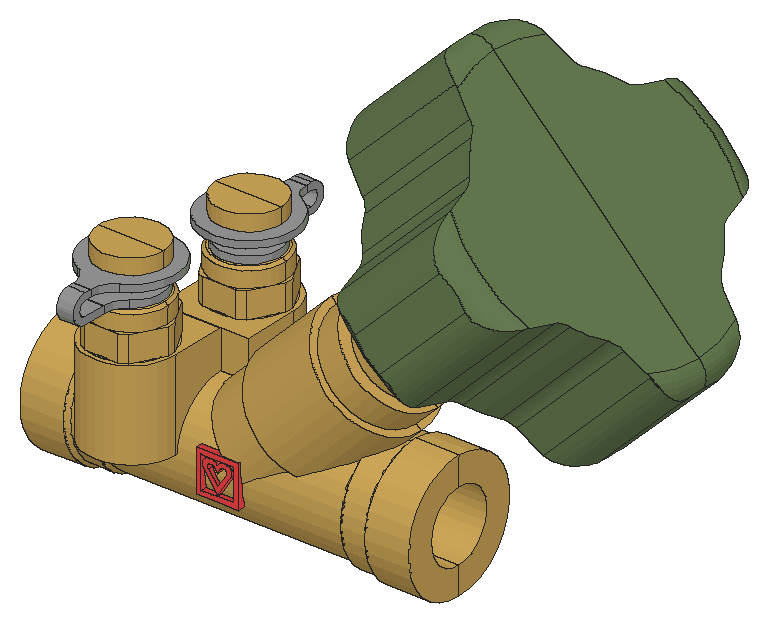
Revit family "Балансировочный клапан с диафрагмой для систем питьевого водоснабжения 4017 MW", category Rohrzubehör, Revit 2018
Family settings
  Bemaßung runder Anschluss = Durchmesser verwenden
  Teiletyp = Unterbricht
  OmniClass-Nummer = 23.65.55.14
  OmniClass-Titel = Valves for Liquid Services
  Arbeitsebenenbasiert = Nein
  Immer vertikal = Ja
  Beim Laden mit Abzugskörper schneiden = Nein
  Gemeinsam genutzt = Nein
Parameters
  Среда = "Питьевая вода"  # constant formula
  Примечание = "В соответствии со статьей 33 Регламента REACH (Registration; Evaluation; Authorisation; Restriction of Chemicals) (EC № 1907/2006) мы обязаны указать, что свинец внесен в список SVHC (Substances of Very High Concern - вещества очень высокой важности) и весовой процент свинца во всех латунных компонентах заводского изготовления в наших изделиях, превышает 0,1 % (w/w) (CAS: 7439-92-1 / EINECS: 231-100-4).\r\nПоскольку свинец является легирующим компонентом сплава, прямое негативное влияние исключается, и поэтому дополнительной информации о безопасном использовании не требуется."
  Область применения = "Для перекрытия трубопроводов и регулирования систем питьевого водоснабжения в зданиях или для гидравлической балансировки водоподающих трубопроводов."
  Номер заказа [instance] = size_lookup("4017_MW_", "Artnr", 0, Nennweite)  # 2401701
  Маховик = "пластик, цвет - зеленый"  # constant formula
  Корпус = "латунь, устойчивая к селективной цинковой коррозии"  # constant formula
  Исполнение = "В соответствии с нормами BS 7350 PN20, серия В, балансировочный клапан с наклонным шпинделем производится из медных сплавов.\r\nВсе металлические части, контактирующие с водой, изготовлены из латуни, устойчивой к селективной цинковой коррозии.\r\nКран-букса - с неподнимающимся шпинделем."
  kvs-значения [instance] = if(Nennweite = 15.000 mm, 2, if(Nennweite = 20.000 mm, 3.6, if(Nennweite = 25.000 mm, 6.5, if(Nennweite = 32.000 mm, 13.3, if(Nennweite = 40.000 mm, 18.5, if(Nennweite = 50.000 mm, 33, 0))))))  # 2
  kv-значения диафрагмы [instance] = if(Nennweite = 15.000 mm, 1.95, if(Nennweite = 20.000 mm, 3.95, if(Nennweite = 25.000 mm, 7.9, if(Nennweite = 32.000 mm, 15.75, if(Nennweite = 40.000 mm, 21.5, if(Nennweite = 50.000 mm, 46.7, 0))))))  # 1.95
  W01 = 45.00°  # constant formula
  URL = "www.herz-armaturen.ru"
  SW01 = 60.00°  # constant formula
  SCRNSEQ = "FW;SBT_TYP_FW=\"109\";2"
  SCRNCODE = "04;00;02"  # constant formula
  S03 = 60.000 mm  # constant formula
  S02 [instance] = L04 + L06 + L07  # 76.800 mm
  S01 [instance] = D01 * 2  # 27.000 mm
  R03 = 21.500 mm  # constant formula
  R02 = 9.500 mm  # constant formula
  R01 = 12.000 mm  # constant formula
  O-Ring = "EPDM"  # constant formula
  L10 [instance] = size_lookup("4017_MW_", "L10", 1.000 mm, Nennweite)  # 28.500 mm
  L09 [instance] = size_lookup("4017_MW_", "L9", 1.000 mm, Nennweite)  # 22.500 mm
  L08 [instance] = size_lookup("4017_MW_", "L8", 1.000 mm, Nennweite)  # 12.700 mm
  L07 [instance] = size_lookup("4017_MW_", "L7", 1.000 mm, Nennweite)  # 35.100 mm
  L06 [instance] = size_lookup("4017_MW_", "L6", 1.000 mm, Nennweite)  # 6.500 mm
  L05 [instance] = size_lookup("4017_MW_", "L5", 1.000 mm, Nennweite)  # 20.200 mm
  L04 [instance] = size_lookup("4017_MW_", "L4", 1.000 mm, Nennweite)  # 35.200 mm
  L03 [instance] = size_lookup("4017_MW_", "L3", 1.000 mm, Nennweite)  # 1.000 mm
  H03 [instance] = H01 - 19.000 mm  # 1.000 mm
  H02 = 13.000 mm  # constant formula
  E01 [instance] = L00 / -2  # -41.500 mm
  E00 = 0.000 mm  # constant formula
  D09 [instance] = size_lookup("4017_MW_", "D9", 1.000 mm, Nennweite)  # 11.750 mm
  D08 [instance] = size_lookup("4017_MW_", "D8", 1.000 mm, Nennweite)  # 9.500 mm
  D07 [instance] = size_lookup("4017_MW_", "D7", 1.000 mm, Nennweite)  # 12.000 mm
  D06 [instance] = size_lookup("4017_MW_", "D6", 1.000 mm, Nennweite)  # 13.500 mm
  D05 [instance] = size_lookup("4017_MW_", "D5", 1.000 mm, Nennweite)  # 12.500 mm
  D04 [instance] = Nennweite / 2  # 7.500 mm
  IG [instance] = Nennweite / 2  # 7.500 mm
  D03 [instance] = size_lookup("4017_MW_", "D3", 1.000 mm, Nennweite)  # 11.900 mm
  D02 [instance] = size_lookup("4017_MW_", "D2", 1.000 mm, Nennweite)  # 12.700 mm
  D01 [instance] = size_lookup("4017_MW_", "D1", 1.000 mm, Nennweite)  # 13.500 mm
  Nennweite [instance] = 15.000 mm
  Макс. перепад давления на закрытом седле = 1000000.0 Pa  # constant formula
  Макс. рабочая температура при 10 бар = 85 °C  # constant formula
  Макс. рабочее давление при 20 °C = 2000000.0 Pa  # constant formula
  L02 [instance] = size_lookup("4017_MW_", "L2", 1.000 mm, Nennweite)  # 5.000 mm
  L01 [instance] = size_lookup("4017_MW_", "L1", 1.000 mm, Nennweite)  # 9.250 mm
  L00 [instance] = size_lookup("4017_MW_", "L", 1.000 mm, Nennweite)  # 83.000 mm
  Hersteller = "HERZ Armaturen Ges.m.b.H."  # constant formula
  H01 [instance] = size_lookup("4017_MW_", "H1", 1.000 mm, Nennweite)  # 20.000 mm
  GT [instance] = size_lookup("4017_MW_", "GT", 1.000 mm, Nennweite)  # 13.200 mm
  DN50 [instance] = Nennweite = 50.000 mm  # no
  DN40 [instance] = Nennweite = 40.000 mm  # no
  DN32 [instance] = Nennweite = 32.000 mm  # no
  DN25 [instance] = Nennweite = 25.000 mm  # no
  DN20 [instance] = Nennweite = 20.000 mm  # no
  DN15 [instance] = Nennweite = 15.000 mm  # yes
Reference planes
  plane 1 "Mitte (Vorne/hinten)": y = 0
  plane 2: z = 0
  plane 3 "Mitte (Links/rechts)": x = 0
Forms (mm)
  Revolve 1, solid, material "Messing, weicher Gelbton, geschweißt", detail levels fine
    sketch origin (470, 0, 0) x (1, 0, 0) y (0, 0, 1)
      loop
        line (-511.5, 7.5) -> (-498.3, 7.5) -> (-498.3, 0) -> (-441.7, 0) -> (-441.7, 7.5) -> (-428.5, 7.5) -> (-428.5, 13.5) -> (-437.75, 13.5) -> (-438.55, 12.7) -> (-443.55, 12.7) -> (-444.35, 11.9) -> (-495.65, 11.9) -> (-496.45, 12.7) -> (-501.45, 12.7) -> (-502.25, 13.5) -> (-511.5, 13.5) -> (-511.5, 7.5)
      axis (-511.5, 0) -> (-428.5, 0)
    angle from 0 to 360
  Revolve 2, solid, material "Messing, weicher Gelbton, geschweißt", detail levels fine
    sketch origin (0.32, 0, -0.105) x (1, 0, 0) y (0, 0, 1)
      loop
        line (-1.32, 0.105) -> (52.986, 54.411) -> (44.677, 62.719) -> (35.697, 53.739) -> (37.288, 52.148) -> (21.449, 36.309) -> (19.681, 38.076) -> (15.085, 33.48) -> (14.024, 34.541) -> (-0.259, 20.257) -> (0.448, 19.55) -> (-7.098, 12.005) -> (-6.623, 5.408) -> (-1.32, 0.105)
      axis (-1.32, 0.105) -> (52.986, 54.411)
    angle from 0 to 360
  Extrusion 3, solid, material "Messing, weicher Gelbton, geschweißt", detail levels fine
    sketch origin (0, 0, 0) x (1, 0, 0) y (0, 1, 0)
      loop
        arc (-28.5, -12) -> (-19, -21.5) -> (-9.5, -12) r 9.5
        line (-9.5, -12) -> (-9.5, 0) -> (-28.5, 0) -> (-28.5, -12)
    from 1 <- "H03" to 20 <- "H01"
  Extrusion 4, solid, material "Messing, weicher Gelbton, geschweißt", detail levels fine
    sketch origin (0, 0, 0) x (1, 0, 0) y (0, 1, 0)
      loop
        line (-22.5, 12) -> (-22.5, 0) -> (-3.5, 0) -> (-3.5, 12)
        arc (-3.5, 12) -> (-13, 21.5) -> (-22.5, 12) r 9.5
    from 0 to 20 <- "H01"
Lines and regions (mm)
  model lines, detail levels coarse+medium
    curve 1: line (-41.5, 0, 13.5) -> (-41.5, 0, -13.5)
    curve 2: line (-41.5, 0, -13.5) -> (41.5, 0, 13.5)
    curve 3: line (41.5, 0, 13.5) -> (41.5, 0, -13.5)
    curve 4: line (41.5, 0, -13.5) -> (-41.5, 0, 13.5)
    curve 5: line (0, 0, 0) -> (38.4, 0, 66.511)
    curve 6: line (12.419, 0, 81.511) -> (64.381, 0, 51.511)
    curve 7: line (-41.5, -13.5, 0) -> (-41.5, 13.5, 0)
    curve 8: line (-41.5, 13.5, 0) -> (41.5, -13.5, 0)
    curve 9: line (41.5, -13.5, 0) -> (41.5, 13.5, 0)
    curve 10: line (41.5, 13.5, 0) -> (-41.5, -13.5, 0)
    curve 11: line (0, 0, 0) -> (38.4, 66.511, 0)
    curve 12: line (12.419, 81.511, 0) -> (64.381, 51.511, 0)
Dimensions and locks
  "L00": Revolve 1 sketch curve to Revolve 1 sketch curve
  equal spacing: Revolve 1 sketch curve, plane 3 "Mitte (Links/rechts)", Revolve 1 sketch curve
  "D01": Revolve 1 sketch curve to Revolve 1 sketch curve  (x2)
  "GT": Revolve 1 sketch curve to Revolve 1 sketch curve  (x2)
  "D06": Revolve 2 sketch curve to Revolve 2 sketch curve
  "D07": Revolve 2 sketch curve to Revolve 2 sketch curve
  "D08": Revolve 2 sketch curve to Revolve 2 sketch curve
  "D09": Revolve 2 sketch curve to Revolve 2 sketch curve
  equal spacing: curve 1, plane 3 "Mitte (Links/rechts)", curve 3
  "L00": curve 1 to curve 3
  equal spacing: curve 4, plane 2, curve 2
  "S01": curve 4 to curve 1
  "S01": curve 3 to curve 4
  equal spacing: curve 3, plane 2, curve 4
  "S02": curve 5 to curve 5
  equal spacing: curve 6, curve 5, curve 6
  "S03": curve 6 to curve 6
  equal spacing: curve 7, plane 3 "Mitte (Links/rechts)", curve 9
  "L00": curve 7 to curve 9
  equal spacing: curve 10, plane 1 "Mitte (Vorne/hinten)", curve 8
  "S01": curve 8 to curve 10
  equal spacing: curve 9, plane 1 "Mitte (Vorne/hinten)", curve 10
  "S01": curve 10 to curve 9
  "S02": curve 11 to curve 11
  equal spacing: curve 12, curve 11, curve 12
  "S03": curve 12 to curve 12
  "L01": Revolve 1 sketch curve to Revolve 1 sketch curve  (x2)
  "D02": Revolve 1 sketch curve to plane 2  (x2)
  "D03": Revolve 1 sketch curve to plane 2
  "IG": Revolve 1 sketch curve to plane 2  (x2)
  "L02": Revolve 1 sketch curve to Revolve 1 sketch curve  (x2)
  "L04": Revolve 2 sketch curve to Revolve 2 sketch curve
  "L05": Revolve 2 sketch curve to Revolve 2 sketch curve
  "D03": Revolve 2 sketch curve to plane 2
  "L06": Revolve 2 sketch curve to Revolve 2 sketch curve
  "L08": Revolve 2 sketch curve to Revolve 2 sketch curve
  "L07": Revolve 2 sketch curve to Revolve 2 sketch curve
  "D04": Revolve 2 sketch curve to Revolve 2 sketch curve
  "D05": Revolve 2 sketch curve to Revolve 2 sketch curve
  "L03": plane 3 "Mitte (Links/rechts)" to Revolve 2 sketch curve  (x2)
  "D03": nested 1 to plane 1 "Mitte (Vorne/hinten)"
  "L09": Revolve 1 to Extrusion 3 sketch curve
  "R01": Extrusion 3 sketch curve to plane 1 "Mitte (Vorne/hinten)"
  "R01": plane 1 "Mitte (Vorne/hinten)" to Extrusion 4 sketch curve
  "L10": Revolve 1 to Extrusion 4 sketch curve
  "H01": nested 3 to plane 2
  "H01": nested 2 to plane 2
  "R01": nested 3 to plane 1 "Mitte (Vorne/hinten)"
  "R01": plane 1 "Mitte (Vorne/hinten)" to nested 2
  "L10": Revolve 1 to nested 2
  "L09": Revolve 1 to nested 3
  "R02": radius of Extrusion 3 sketch curve
  "R02": radius of Extrusion 4 sketch curve
  "W01": angle level to Revolve 2 sketch curve
  "SW01": angle plane 2 to curve 5
  "SW01": angle plane 1 "Mitte (Vorne/hinten)" to curve 11
  "W01": angle Revolve 1 sketch curve to Revolve 1 sketch curve  (x4)
  "W01": angle plane 2 to Revolve 2 sketch curve
  aligned and locked: level to plane 2
Automatic sketch dimensions
  curve 5 to level = 0.000 mm
  plane 1 "Mitte (Vorne/hinten)" to curve 11 = 0.000 mm
  Revolve 1 sketch curve to level = 0.000 mm  (x2)
  Revolve 1 sketch curve to Revolve 1 sketch curve = 791.990 mm
  Revolve 1 sketch curve to Revolve 1 sketch curve = 2278.983 mm
  Revolve 2 sketch curve to level = 0.000 mm  (x2)
  plane 1 "Mitte (Vorne/hinten)" to Extrusion 3 sketch curve = 0.000 mm
  plane 1 "Mitte (Vorne/hinten)" to Extrusion 4 sketch curve = 0.000 mm
Nested families
  nested 1: "Herz-Logo-vorne" at (0, -11.9, 0) x (0, 1, 0) z (0, 0, 1), type "Herz-Logo-vorne", detail levels fine
  nested 2: "Messstutzen_Band_Austritt_senkrecht_(oben)" at (-13, 12, 2.5), type "Messstutzen_Band_Austritt_senkrecht_(oben)"
    with Schutzkappe yes, Nennweite 0.000 mm, Gewicht 0.00 kg, Bestellnummer 0
  nested 3: "Messstutzen_Band_Eintritt_senkrecht_(oben)" at (-19, -12, 2.5) x (-1, 0, 0) z (0, 0, 1), type "Messstutzen_Band_Eintritt_senkrecht_(oben)"
    with Schutzkappe yes, Nennweite 0.000 mm, Gewicht 0.00 kg, Bestellnummer 0
  nested 4: "Strangregulierventil-Handrad (Grün) DN15-DN32" at (53.306, 0, 54.306), visible <- "DN15", type "Strangregulierventil-Handrad (Grün) DN15-DN32"
    with Nennweite 0.000 mm, Gewicht 0.00 kg, Bestellnummer 0
  nested 5: "Strangregulierventil-Handrad (Grün) DN15-DN32" at (55.846, 0, 56.846), visible <- "DN20", type "Strangregulierventil-Handrad (Grün) DN15-DN32"
    with Nennweite 0.000 mm, Gewicht 0.00 kg, Bestellnummer 0
  nested 6: "Strangregulierventil-Handrad (Grün) DN15-DN32" at (64.569, 0, 70.069), visible <- "DN25", type "Strangregulierventil-Handrad (Grün) DN15-DN32"
    with Nennweite 0.000 mm, Gewicht 0.00 kg, Bestellnummer 0
  nested 7: "Strangregulierventil-Handrad (Grün) DN15-DN32" at (67.426, 0, 76.226), visible <- "DN32", type "Strangregulierventil-Handrad (Grün) DN15-DN32"
    with Nennweite 0.000 mm, Gewicht 0.00 kg, Bestellnummer 0
  nested 8: "Strangregulierventil-Handrad (Grün) DN40-DN50" at (76.747, 0, 88.247), visible <- "DN40", type "Strangregulierventil-Handrad (Grün) DN40-DN50"
    with Nennweite 0.000 mm, Gewicht 0.00 kg, Bestellnummer 0
  nested 9: "Strangregulierventil-Handrad (Grün) DN40-DN50" at (75.124, 0, 91.924), visible <- "DN50", type "Strangregulierventil-Handrad (Grün) DN40-DN50"
    with Nennweite 0.000 mm, Gewicht 0.00 kg, Bestellnummer 0
Connectors
  piping at (-28.3, 0, 0), diameter 15, driven by "Nennweite"
    settings: on Revolve 1, index 1, connector inside diameter 609.6 mm, connector length 0.000 mm, flow factor 0, pipe flow 0.0 L/s, pressure drop 0.0 Pa, fitting loss kfactor 0, connector angle 0.00°, fixture units 0, engagement length 0.000 mm, angle of deflection 0.00°, flow configuration 0, flow direction 1, fitting loss method 0, system type 29, joint type 0, gender type 0, connector reference index -1, connector utility 0, adjustable connector no, is connector primary yes, connector description ""
  piping at (28.3, 0, 0), diameter 15, driven by "Nennweite"
    settings: on Revolve 1, index 2, connector inside diameter 609.6 mm, connector length 0.000 mm, flow factor 0, pipe flow 0.0 L/s, pressure drop 0.0 Pa, fitting loss kfactor 0, connector angle 0.00°, fixture units 0, engagement length 0.000 mm, angle of deflection 0.00°, flow configuration 0, flow direction 2, fitting loss method 0, system type 29, joint type 0, gender type 0, connector reference index -1, connector utility 0, adjustable connector no, is connector primary no, connector description ""
Definition of nested family "Herz-Logo-vorne"
  Reference planes
    plane 1 "Mitte (Vorne/hinten)": y = 0
    plane 2: z = 0
    plane 3 "Mitte (Links/rechts)": x = 0
  Forms (mm)
    Extrusion 1, solid
      sketch origin (0.732, -0.018, 0.017) x (0, -1, 0) y (0, 0, 1)
        loop
          line (-0.018, -4.517) -> (4.482, -4.517) -> (4.482, 4.483) -> (-4.518, 4.483) -> (-4.518, -4.517) -> (-0.018, -4.517)
        loop
          line (-0.05, -3.48) -> (3.482, -3.48) -> (3.482, 3.483) -> (-3.518, 3.483) -> (-3.518, -3.48) -> (-0.05, -3.48)
        loop
          arc (-0.018, 2.383) -> (-1.543, 3.287) -> (-3.067, 2.383) r 1.738
          arc (-3.067, 2.383) -> (-3.191, 1.899) -> (-3.067, 1.415) r 1.009
          line (-3.067, 1.415) -> (-0.018, -3.281) -> (3.032, 1.415)
          arc (3.032, 1.415) -> (3.156, 1.899) -> (3.032, 2.383) r 1.009
          arc (3.032, 2.383) -> (1.507, 3.287) -> (-0.018, 2.383) r 1.738
        loop
          arc (1.885, 1.272) -> (2.005, 1.675) -> (1.885, 2.079) r 0.74
          arc (1.885, 2.079) -> (1.265, 2.416) -> (0.644, 2.079) r 0.74
          line (0.644, 2.079) -> (-0.018, 0.97) -> (-0.679, 2.079)
          arc (-0.679, 2.079) -> (-1.3, 2.416) -> (-1.921, 2.079) r 0.74
          arc (-1.921, 2.079) -> (-2.04, 1.675) -> (-1.921, 1.272) r 0.74
          line (-1.921, 1.272) -> (-0.018, -1.658) -> (1.885, 1.272)
      from 0 to 1.5
  Dimensions and locks
    aligned and locked: level to plane 2
Definition of nested family "Messstutzen_Band_Austritt_senkrecht_(oben)"
  Parameters (values of type "Messstutzen_Band_Austritt_senkrecht_(oben)")
    URL = "www.herz-armaturen.at"
    Schutzkappe [instance] = yes
    Nennweite [instance] = 0.000 mm
    Manufacturer = "Herz Armaturen GmbH"  # constant formula
    Gewicht [instance] = 0.00 kg
    Bestellnummer [instance] = 0
  Reference planes
    plane 1 "Mitte (Vorne/hinten)": y = 0
    plane 2: z = 0
    plane 3 "Mitte (Links/rechts)": x = 0
    plane 4 "Schlaufe 1": z = -27
    plane 5 "Schlaufe 2": z = -31.678
  Forms (mm)
    Revolve 1, solid, detail levels fine
      sketch origin (0, 0, 0) x (1, 0, 0) y (0, 0, 1)
        loop
          line (-7.4, 9) -> (-5.55, 9) -> (-5.55, 6)
          arc (-5.55, 6) -> (-5.626, 5.617) -> (-5.843, 5.293) r 1
          line (-5.843, 5.293) -> (-6.455, 4.681) -> (-6.455, 0.9) -> (-5.555, 0) -> (-2, 0) -> (-2, 17.5) -> (-8.4, 17.5)
          arc (-8.4, 17.5) -> (-7.693, 17.207) -> (-7.4, 16.5) r 1
          line (-7.4, 16.5) -> (-7.4, 9)
        loop
          line (-3.7, 27) -> (-7.3, 27) -> (-7.9, 26.4) -> (-7.9, 23) -> (-2, 23) -> (-2, 35.8) -> (-3.805, 35.8) -> (-4.415, 35.19) -> (-4.415, 30.863) -> (-3.7, 30.45) -> (-3.7, 27)
        axis (0, 0) -> (0, 35.8)
      angle from 0 to 360
    Extrusion 2, solid, detail levels fine
      sketch origin (0, 0, 17.5) x (0, 1, 0) y (-1, 0, 0)
        loop
          arc (-7.07, 5.156) -> (-7.578, 4.375) -> (-8, 3.544) r 8.75
          line (-8, 3.544) -> (-8, -3.544)
          arc (-8, -3.544) -> (-7.578, -4.375) -> (-7.07, -5.156) r 8.75
          line (-7.07, -5.156) -> (-0.93, -8.7)
          arc (-0.93, -8.7) -> (0, -8.75) -> (0.93, -8.7) r 8.75
          line (0.93, -8.7) -> (7.07, -5.156)
          arc (7.07, -5.156) -> (7.578, -4.375) -> (8, -3.544) r 8.75
          line (8, -3.544) -> (8, 3.544)
          arc (8, 3.544) -> (7.578, 4.375) -> (7.07, 5.156) r 8.75
          line (7.07, 5.156) -> (0.93, 8.7)
          arc (0.93, 8.7) -> (0, 8.75) -> (-0.93, 8.7) r 8.75
          line (-0.93, 8.7) -> (-7.07, 5.156)
      from 0 to 5.5
    Revolve 3, solid, visible <- "Schutzkappe", detail levels fine
      sketch origin (0, 0, 0) x (1, 0, 0) y (0, 0, 1)
        loop
          line (0, 35.878) -> (0, 36.678) -> (-7, 36.678) -> (-7, 33.378) -> (-6.1, 33.378) -> (-6.1, 31.678) -> (-6.9, 31.678) -> (-6.9, 30.178) -> (-4.415, 30.178) -> (-4.415, 35.268) -> (-3.805, 35.878) -> (0, 35.878)
        axis (0, 30.178) -> (0, 36.678)
      angle from 0 to 360
    Extrusion 4, solid, detail levels fine
      sketch origin (0, 0, 28.5) x (1, 0, 0) y (0, 1, 0)
        loop
          circle (0, 0) r 3.7
        loop
          arc (-3.906, 5.505) -> (0, -6.75) -> (3.906, 5.505) r 6.75
          arc (3.906, 5.505) -> (2.358, 7.288) -> (1.8, 9.582) r 5
          line (1.8, 9.582) -> (-1.8, 9.582)
          arc (-1.8, 9.582) -> (-2.358, 7.288) -> (-3.906, 5.505) r 5
      from 0 to -1.5
    Extrusion 5, solid, detail levels fine
      sketch origin (0, 0, 33.178) x (1, 0, 0) y (0, 1, 0)
        loop
          circle (0, 0) r 6.1
        loop
          arc (-4.495, 8.652) -> (0, -9.75) -> (4.495, 8.652) r 9.75
          arc (4.495, 8.652) -> (2.527, 10.493) -> (1.8, 13.089) r 5
          line (1.8, 13.089) -> (-1.8, 13.089)
          arc (-1.8, 13.089) -> (-2.527, 10.493) -> (-4.495, 8.652) r 5
      from 0 to -1.5
    Sweep 6, solid, detail levels fine
      path origin (0, 0, 0) x (0, 0, -1) y (0, -1, 0)
        loop
          line (-27.75, -9.582) -> (-27.75, -14.522)
          arc (-27.75, -14.522) -> (-30.089, -16.862) -> (-32.428, -14.522) r 2.339
          line (-32.428, -14.522) -> (-32.428, -13.089)
      profile origin (0, 12.052, 27.75) x (0, 0, 1) y (1, 0, 0)
        loop
          line (-0.75, -1.8) -> (0.75, -1.8) -> (0.75, 1.8) -> (-0.75, 1.8) -> (-0.75, -1.8)
  Dimensions and locks
    aligned and locked: level to plane 2
Definition of nested family "Messstutzen_Band_Eintritt_senkrecht_(oben)"
  Parameters (values of type "Messstutzen_Band_Eintritt_senkrecht_(oben)")
    URL = "www.herz-armaturen.at"
    Schutzkappe [instance] = yes
    Nennweite [instance] = 0.000 mm
    Manufacturer = "Herz Armaturen GmbH"  # constant formula
    Gewicht [instance] = 0.00 kg
    Bestellnummer [instance] = 0
  Reference planes
    plane 1 "Mitte (Vorne/hinten)": y = 0
    plane 2: z = 0
    plane 3 "Mitte (Links/rechts)": x = 0
    plane 4 "Schlaufe 1": z = -27
    plane 5 "Schlaufe 2": z = -31.678
  Forms (mm)
    Revolve 1, solid, detail levels fine
      sketch origin (0, 0, 0) x (1, 0, 0) y (0, 0, 1)
        loop
          line (-7.4, 9) -> (-5.55, 9) -> (-5.55, 6)
          arc (-5.55, 6) -> (-5.626, 5.617) -> (-5.843, 5.293) r 1
          line (-5.843, 5.293) -> (-6.455, 4.681) -> (-6.455, 0.9) -> (-5.555, 0) -> (-2, 0) -> (-2, 17.5) -> (-8.4, 17.5)
          arc (-8.4, 17.5) -> (-7.693, 17.207) -> (-7.4, 16.5) r 1
          line (-7.4, 16.5) -> (-7.4, 9)
        loop
          line (-3.7, 27) -> (-7.3, 27) -> (-7.9, 26.4) -> (-7.9, 23) -> (-2, 23) -> (-2, 35.8) -> (-3.805, 35.8) -> (-4.415, 35.19) -> (-4.415, 30.863) -> (-3.7, 30.45) -> (-3.7, 27)
        axis (0, 0) -> (0, 35.8)
      angle from 0 to 360
    Extrusion 2, solid, detail levels fine
      sketch origin (0, 0, 17.5) x (0, 1, 0) y (-1, 0, 0)
        loop
          arc (-7.07, 5.156) -> (-7.578, 4.375) -> (-8, 3.544) r 8.75
          line (-8, 3.544) -> (-8, -3.544)
          arc (-8, -3.544) -> (-7.578, -4.375) -> (-7.07, -5.156) r 8.75
          line (-7.07, -5.156) -> (-0.93, -8.7)
          arc (-0.93, -8.7) -> (0, -8.75) -> (0.93, -8.7) r 8.75
          line (0.93, -8.7) -> (7.07, -5.156)
          arc (7.07, -5.156) -> (7.578, -4.375) -> (8, -3.544) r 8.75
          line (8, -3.544) -> (8, 3.544)
          arc (8, 3.544) -> (7.578, 4.375) -> (7.07, 5.156) r 8.75
          line (7.07, 5.156) -> (0.93, 8.7)
          arc (0.93, 8.7) -> (0, 8.75) -> (-0.93, 8.7) r 8.75
          line (-0.93, 8.7) -> (-7.07, 5.156)
      from 0 to 5.5
    Revolve 3, solid, visible <- "Schutzkappe", detail levels fine
      sketch origin (0, 0, 0) x (1, 0, 0) y (0, 0, 1)
        loop
          line (0, 35.878) -> (0, 36.678) -> (-7, 36.678) -> (-7, 33.378) -> (-6.1, 33.378) -> (-6.1, 31.678) -> (-6.9, 31.678) -> (-6.9, 30.178) -> (-4.415, 30.178) -> (-4.415, 35.268) -> (-3.805, 35.878) -> (0, 35.878)
        axis (0, 30.178) -> (0, 36.678)
      angle from 0 to 360
    Extrusion 4, solid, detail levels fine
      sketch origin (0, 0, 28.5) x (1, 0, 0) y (0, 1, 0)
        loop
          circle (0, 0) r 3.7
        loop
          arc (-3.906, 5.505) -> (0, -6.75) -> (3.906, 5.505) r 6.75
          arc (3.906, 5.505) -> (2.358, 7.288) -> (1.8, 9.582) r 5
          line (1.8, 9.582) -> (-1.8, 9.582)
          arc (-1.8, 9.582) -> (-2.358, 7.288) -> (-3.906, 5.505) r 5
      from 0 to -1.5
    Extrusion 5, solid, detail levels fine
      sketch origin (0, 0, 33.178) x (1, 0, 0) y (0, 1, 0)
        loop
          circle (0, 0) r 6.1
        loop
          arc (-4.495, 8.652) -> (0, -9.75) -> (4.495, 8.652) r 9.75
          arc (4.495, 8.652) -> (2.527, 10.493) -> (1.8, 13.089) r 5
          line (1.8, 13.089) -> (-1.8, 13.089)
          arc (-1.8, 13.089) -> (-2.527, 10.493) -> (-4.495, 8.652) r 5
      from 0 to -1.5
    Sweep 6, solid, detail levels fine
      path origin (0, 0, 0) x (0, 0, -1) y (0, -1, 0)
        loop
          line (-27.75, -9.582) -> (-27.75, -14.522)
          arc (-27.75, -14.522) -> (-30.089, -16.862) -> (-32.428, -14.522) r 2.339
          line (-32.428, -14.522) -> (-32.428, -13.089)
      profile origin (0, 12.052, 27.75) x (0, 0, 1) y (1, 0, 0)
        loop
          line (-0.75, -1.8) -> (0.75, -1.8) -> (0.75, 1.8) -> (-0.75, 1.8) -> (-0.75, -1.8)
  Dimensions and locks
    aligned and locked: level to plane 2
Definition of nested family "Strangregulierventil-Handrad (Grün) DN15-DN32"
  Parameters (values of type "Strangregulierventil-Handrad (Grün) DN15-DN32")
    URL = "www.herz-armaturen.at"
    Nennweite [instance] = 0.000 mm
    Manufacturer = "Herz Armaturen GmbH"  # constant formula
    Gewicht [instance] = 0.00 kg
    Bestellnummer [instance] = 0
  Reference planes
    plane 1 "Mitte (Vorne/hinten)": y = 0
    plane 2: z = 0
    plane 3 "Mitte (Links/rechts)": x = 0
  Forms (mm)
    Revolve 1, solid, detail levels fine
      sketch origin (0, 0, 0) x (0.707107, 0, -0.707107) y (0.707107, 0, 0.707107)
        loop
          line (0, 0) -> (0, 24.95) -> (-30.992, 24.95)
          arc (-30.992, 24.95) -> (-34.37, 23.636) -> (-35.973, 20.386) r 5
          line (-35.973, 20.386) -> (-37, 8.65) -> (-35.986, -2.936)
          arc (-35.986, -2.936) -> (-34.383, -6.186) -> (-31.005, -7.5) r 5
          line (-31.005, -7.5) -> (-15, -7.5) -> (-15, 0) -> (0, 0)
        axis (0, 24.95) -> (0, -7.5)
      angle from 0 to 360
    Extrusion 2, void
      sketch origin (14.354, 0, 14.354) x (0.707107, 0, -0.707107) y (0, 1, 0)
        loop
          line (3.861, 35.5) -> (-3.861, 35.5)
          arc (-3.861, 35.5) -> (-8.731, 33.847) -> (-11.589, 29.571) r 8
          line (-11.589, 29.571) -> (-13.284, 23.245)
          arc (-13.284, 23.245) -> (-13.982, 21.722) -> (-15.144, 20.516) r 5
          arc (-15.144, 20.516) -> (-18.031, 18.031) -> (-20.516, 15.144) r 25.5
          arc (-20.516, 15.144) -> (-21.722, 13.982) -> (-23.245, 13.284) r 5
          line (-23.245, 13.284) -> (-29.571, 11.589)
          arc (-29.571, 11.589) -> (-33.847, 8.731) -> (-35.5, 3.861) r 8
          line (-35.5, 3.861) -> (-35.5, -3.861)
          arc (-35.5, -3.861) -> (-33.847, -8.731) -> (-29.571, -11.589) r 8
          line (-29.571, -11.589) -> (-23.245, -13.284)
          arc (-23.245, -13.284) -> (-21.722, -13.982) -> (-20.516, -15.144) r 5
          arc (-20.516, -15.144) -> (-18.031, -18.031) -> (-15.144, -20.516) r 25.5
          arc (-15.144, -20.516) -> (-13.982, -21.722) -> (-13.284, -23.245) r 5
          line (-13.284, -23.245) -> (-11.589, -29.571)
          arc (-11.589, -29.571) -> (-8.731, -33.847) -> (-3.861, -35.5) r 8
          line (-3.861, -35.5) -> (3.861, -35.5)
          arc (3.861, -35.5) -> (8.731, -33.847) -> (11.589, -29.571) r 8
          line (11.589, -29.571) -> (13.284, -23.245)
          arc (13.284, -23.245) -> (13.982, -21.722) -> (15.144, -20.516) r 5
          arc (15.144, -20.516) -> (18.031, -18.031) -> (20.516, -15.144) r 25.5
          arc (20.516, -15.144) -> (21.722, -13.982) -> (23.245, -13.284) r 5
          line (23.245, -13.284) -> (29.571, -11.589)
          arc (29.571, -11.589) -> (33.847, -8.731) -> (35.5, -3.861) r 8
          line (35.5, -3.861) -> (35.5, 3.861)
          arc (35.5, 3.861) -> (33.847, 8.731) -> (29.571, 11.589) r 8
          line (29.571, 11.589) -> (23.245, 13.284)
          arc (23.245, 13.284) -> (21.722, 13.982) -> (20.516, 15.144) r 5
          arc (20.516, 15.144) -> (18.031, 18.031) -> (15.144, 20.516) r 25.5
          arc (15.144, 20.516) -> (13.982, 21.722) -> (13.284, 23.245) r 5
          line (13.284, 23.245) -> (11.589, 29.571)
          arc (11.589, 29.571) -> (8.731, 33.847) -> (3.861, 35.5) r 8
        loop
          circle (0, 0) r 38
      from -31.266 to 7.923
  Cuts and joins
    Extrusion 2 cuts Revolve 1
  Dimensions and locks
    Revolve 1 sketch curve to Revolve 1 sketch curve = 15.000 mm
    Revolve 1 sketch curve to Revolve 1 sketch curve = 16.150 mm
    Revolve 1 sketch curve to Revolve 1 sketch curve = 16.300 mm
    angle Revolve 1 sketch curve to Revolve 1 sketch curve = 95.00°
    aligned and locked: level to plane 2
Definition of nested family "Strangregulierventil-Handrad (Grün) DN40-DN50"
  Parameters (values of type "Strangregulierventil-Handrad (Grün) DN40-DN50")
    URL = "www.herz-armaturen.at"
    Nennweite [instance] = 0.000 mm
    Manufacturer = "Herz Armaturen GmbH"  # constant formula
    Gewicht [instance] = 0.00 kg
    Bestellnummer [instance] = 0
  Reference planes
    plane 1 "Mitte (Vorne/hinten)": y = 0
    plane 2: z = 0
    plane 3 "Mitte (Links/rechts)": x = 0
  Forms (mm)
    Revolve 1, solid, detail levels fine
      sketch origin (0, 0, 0) x (0.707107, 0, -0.707107) y (0.707107, 0, 0.707107)
        loop
          line (0, 0) -> (0, 24.95) -> (-50.992, 24.95)
          arc (-50.992, 24.95) -> (-54.37, 23.636) -> (-55.973, 20.386) r 5
          line (-55.973, 20.386) -> (-57, 8.65) -> (-55.986, -2.936)
          arc (-55.986, -2.936) -> (-54.383, -6.186) -> (-51.005, -7.5) r 5
          line (-51.005, -7.5) -> (-15, -7.5) -> (-15, 0) -> (0, 0)
        axis (0, 24.95) -> (0, -7.5)
      angle from 0 to 360
    Extrusion 2, void
      sketch origin (14.354, 0, 14.354) x (0.707107, 0, -0.707107) y (0, 1, 0)
        loop
          line (-55, 6.292) -> (-55, -6.292)
          arc (-55, -6.292) -> (-52.52, -13.597) -> (-46.106, -17.883) r 12
          line (-46.106, -17.883) -> (-35.399, -20.752)
          arc (-35.399, -20.752) -> (-33.541, -21.612) -> (-32.08, -23.047) r 6
          arc (-32.08, -23.047) -> (-27.931, -27.931) -> (-23.047, -32.08) r 39.5
          arc (-23.047, -32.08) -> (-21.612, -33.541) -> (-20.752, -35.399) r 6
          line (-20.752, -35.399) -> (-17.883, -46.106)
          arc (-17.883, -46.106) -> (-13.597, -52.52) -> (-6.292, -55) r 12
          line (-6.292, -55) -> (6.292, -55)
          arc (6.292, -55) -> (13.597, -52.52) -> (17.883, -46.106) r 12
          line (17.883, -46.106) -> (20.752, -35.399)
          arc (20.752, -35.399) -> (21.612, -33.541) -> (23.047, -32.08) r 6
          arc (23.047, -32.08) -> (27.931, -27.931) -> (32.08, -23.047) r 39.5
          arc (32.08, -23.047) -> (33.541, -21.612) -> (35.399, -20.752) r 6
          line (35.399, -20.752) -> (46.106, -17.883)
          arc (46.106, -17.883) -> (52.52, -13.597) -> (55, -6.292) r 12
          line (55, -6.292) -> (55, 6.292)
          arc (55, 6.292) -> (52.52, 13.597) -> (46.106, 17.883) r 12
          line (46.106, 17.883) -> (35.399, 20.752)
          arc (35.399, 20.752) -> (33.541, 21.612) -> (32.08, 23.047) r 6
          arc (32.08, 23.047) -> (27.931, 27.931) -> (23.047, 32.08) r 39.5
          arc (23.047, 32.08) -> (21.612, 33.541) -> (20.752, 35.399) r 6
          line (20.752, 35.399) -> (17.883, 46.106)
          arc (17.883, 46.106) -> (13.597, 52.52) -> (6.292, 55) r 12
          line (6.292, 55) -> (-6.292, 55)
          arc (-6.292, 55) -> (-13.597, 52.52) -> (-17.883, 46.106) r 12
          line (-17.883, 46.106) -> (-20.752, 35.399)
          arc (-20.752, 35.399) -> (-21.612, 33.541) -> (-23.047, 32.08) r 6
          arc (-23.047, 32.08) -> (-27.931, 27.931) -> (-32.08, 23.047) r 39.5
          arc (-32.08, 23.047) -> (-33.541, 21.612) -> (-35.399, 20.752) r 6
          line (-35.399, 20.752) -> (-46.106, 17.883)
          arc (-46.106, 17.883) -> (-52.52, 13.597) -> (-55, 6.292) r 12
        loop
          circle (0, 0) r 60
      from -31.161 to 7.489
  Cuts and joins
    Extrusion 2 cuts Revolve 1
  Dimensions and locks
    Revolve 1 sketch curve to Revolve 1 sketch curve = 15.000 mm
    Revolve 1 sketch curve to Revolve 1 sketch curve = 16.150 mm
    Revolve 1 sketch curve to Revolve 1 sketch curve = 16.300 mm
    Revolve 1 sketch curve to Revolve 1 sketch curve = 57.000 mm
    angle Revolve 1 sketch curve to Revolve 1 sketch curve = 95.00°
    aligned and locked: level to plane 2
